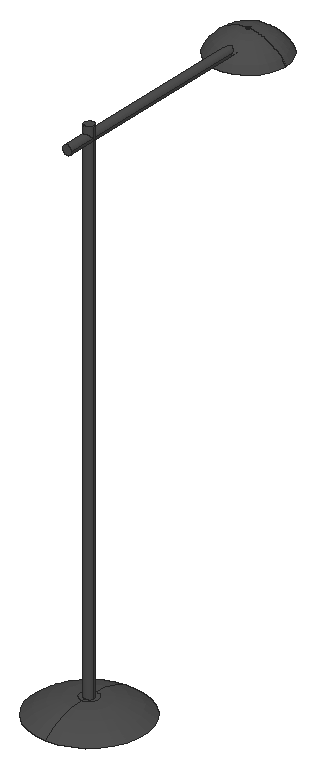
Revit family "M_Floor Lamp - Arm Extension", category Lighting Fixtures, Revit 2017
Family settings
  Round Connector Dimension = Use Diameter
  Part Type = Normal
  OmniClass Number = 23.80.70.11.11
  OmniClass Title = General Luminaries, Non Directional
  Work Plane-Based = No
  Always vertical = Yes
  Cut with Voids When Loaded = No
  Light Source = Yes
  Shared = No
  Room Calculation Point = No
Parameters (values of type "100W - 120V")
  Wattage = 100 W
  built-in parameter 1150110 = 1 (stored number, unit not read)
  built-in parameter 1114217 = 1 (stored number, unit not read)
  built-in parameter 1150109 = 1 (stored number, unit not read)
  built-in parameter 1150134 = 3
  built-in parameter 1150113 = 1 (stored number, unit not read)
  Tilt Angle = 90.00°
  built-in parameter 1010507 = 1.5708 (stored number, unit not read)
  built-in parameter 1010506 = 0.5236 (stored number, unit not read)
  built-in parameter 1150115 = 1 (stored number, unit not read)
  built-in parameter 1150105 = 6018.4 (stored number, unit not read)
  Load Classification = Lighting - Dwelling Unit
  Light Source Symbol Length = 1000 mm
  built-in parameter 1150137 = 1
  built-in parameter 1150139 = (empty or 0)
  built-in parameter 1150112 = 1 (stored number, unit not read)
  built-in parameter 1150114 = 1 (stored number, unit not read)
  built-in parameter 1150132 = (empty or 0)
  built-in parameter 1150102 = (empty or 0)
  built-in parameter 1150138 = (empty or 0)
  built-in parameter 1150107 = 3200 (stored number, unit not read)
  built-in parameter 1150106 = 60.184 (stored number, unit not read)
  built-in parameter 1150104 = 1.6723 (stored number, unit not read)
  Dimming Lamp Color Temperature Shift = <None>
  Color Filter = 16777215
  Ballast Voltage = 120 V
  Ballast Number of Poles = 1
  built-in parameter 1114218 = 1 (stored number, unit not read)
  built-in parameter 1150133 = 10 (stored number, unit not read)
  Assembly Code = "D5020230"
  Lamp = "T-4"
  Lumens = 1800 lm
  Shade = Steel, Chrome Plated
  Stand = Steel, Chrome Plated
  Wattage Comments = "100"
  Apparent Load = 100 VA
Types (5, lengths in mm): name | Wattage | built-in parameter 1150105 | Light Source Symbol Length | built-in parameter 1150106 | Ballast Voltage | Lumens | Wattage Comments | Apparent Load
  (no name) | 100 W | 6018.4 (stored number, unit not read) | 1000 | 60.184 (stored number, unit not read) | 120 V | 1800 lm | "100" | 100 VA
  100W - 120V | 100 W | 6018.4 (stored number, unit not read) | 1000 | 60.184 (stored number, unit not read) | 120 V | 1800 lm | "100" | 100 VA
  100W - 277V | 100 W | 6018.4 (stored number, unit not read) | 3048 | 60.184 (stored number, unit not read) | 277 V | 1800 lm | "100" | 100 VA
  150W - 120V | 150 W | 9027.6 (stored number, unit not read) | 3048 | 90.276 (stored number, unit not read) | 120 V | 2700 lm | "150" | 150 VA
  150W - 277V | 150 W | 9027.6 (stored number, unit not read) | 3048 | 90.276 (stored number, unit not read) | 277 V | 2700 lm | "150" | 150 VA
Reference planes
  plane 1: y = 0
  plane 2: z = 0
  plane 3 "Light Source Axis": x = 0
  plane 4 "Light Source Elevation": z = 1422.4
  plane 5 "Light Source Axis": y = 558.8
  plane 6 "Base": z = 44.971
Forms (mm)
  Revolve 1, solid, material "Steel, Chrome Plated" <- "Stand"
    sketch origin (0, 0, 0) x (0, 1, 0) y (0, 0, 1)
      loop
        line (2.467, 0) -> (152.4, 0)
        arc (152.4, 0) -> (92.764, 33.396) -> (25.4, 44.971) r 201.812
        line (25.4, 44.971) -> (2.467, 44.971) -> (2.467, 0)
      axis (0, 0) -> (0, 44.971)
    angle from 0 to 360
  Extrusion 2, solid, material "Steel, Chrome Plated" <- "Stand"
    sketch origin (0, 0, 0) x (1, 0, 0) y (0, 1, 0)
      loop
        circle (0, 0) r 13.052
    from 44.638 to 1485.9
  Extrusion 3, solid, material "Steel, Chrome Plated" <- "Stand"
    sketch origin (0, 0, 0) x (-1, 0, 0) y (0, 0, 1)
      loop
        circle (-0.158, 1454.15) r 12.7
    from -76.2 to 558.8
  Revolve 4, solid, material "Steel, Chrome Plated" <- "Shade"
    sketch origin (0, 558.8, 0) x (-1, 0, 0) y (0, 0, 1)
      loop
        line (88.144, 1422.4) -> (104.079, 1422.4)
        arc (104.079, 1422.4) -> (63.857, 1465.99) -> (6.777, 1482.106) r 109.139
        line (6.777, 1482.106) -> (0.635, 1482.106) -> (0.635, 1466.231)
        arc (0.635, 1466.231) -> (50.165, 1455.846) -> (88.144, 1422.4) r 99.299
      axis (-0.158, 1422.4) -> (-0.158, 1482.106)
    angle from 0 to 360
Lines and regions (mm)
  Masking region 1
    outline origin (0, 0, 0) x (1, 0, 0) y (0, 1, 0)
      loop
        circle (0, 558.8) r 101.714
  Masking region 2
    outline origin (0, 0, 44.971) x (-1, 0, 0) y (0, -1, 0)
      loop
        circle (0, 0) r 152.4
  symbolic lines
    curve 1: arc (25.608, 0, 0) -> (0, 25.608, 0) -> (-25.608, 0, 0) r 25.608
    curve 2: arc (-25.608, 0, 0) -> (0, -25.608, 0) -> (25.608, 0, 0) r 25.608
    curve 3: arc (152.4, 0, 44.971) -> (0, 152.4, 44.971) -> (-152.4, 0, 44.971) r 152.4
    curve 5: line (0, -76.332, 0) -> (0, 457.086, 0)
    curve 6: arc (101.714, 558.8, 0) -> (0, 660.514, 0) -> (-101.714, 558.8, 0) r 101.714
    curve 7: arc (-101.714, 558.8, 0) -> (0, 457.086, 0) -> (101.714, 558.8, 0) r 101.714
  symbolic lines, style "LightingFixtures"
    curve 4: arc (-152.4, 0, 44.971) -> (0, -152.4, 44.971) -> (152.4, 0, 44.971) r 152.4
Dimensions and locks
  plane 1 to curve 7 = 558.8 mm
  locked: plane 4 "Light Source Elevation" to Extrusion 3 sketch curve at 31.75
  locked: Revolve 4 sketch curve to plane 4 "Light Source Elevation" at 49.433
  locked: Revolve 4 sketch curve to plane 4 "Light Source Elevation" at 55.339
  locked: plane 4 "Light Source Elevation" to Extrusion 2 at 63.5
  plane 2 to plane 4 "Light Source Elevation" = 1422.4 mm
  aligned and locked: plane 3 "Light Source Axis" to curve 5
  aligned and locked: Masking region 1 sketch curve to curve 6
  aligned and locked: Masking region 1 sketch curve to curve 7
  aligned and locked: Masking region 2 sketch curve to curve 4
  aligned and locked: imposter light to plane 3 "Light Source Axis"
  aligned and locked: plane 5 "Light Source Axis" to imposter light
  aligned and locked: plane 4 "Light Source Elevation" to imposter light
